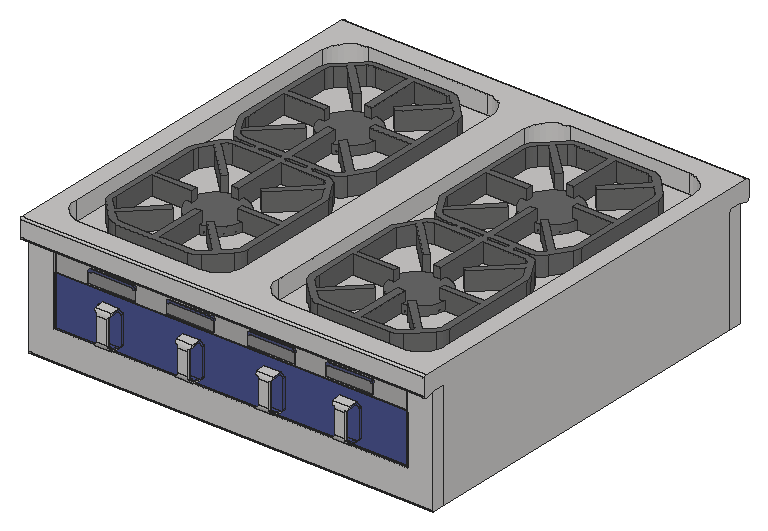
Revit family "QF_ELECTROLUXPROFESSIONAL_588039_MAGGAAHOPO", category Specialty Equipment, Revit 2018
Family settings
  Round Connector Dimension = Use Diameter
  Part Type = Normal
  Work Plane-Based = No
  Always vertical = Yes
  Cut with Voids When Loaded = No
  Shared = No
  Room Calculation Point = No
Parameters
  Weight in Pounds = 138.891
  Watts = 0 W
  URL Cutsheet = ""
  Type Mark [instance] = ""
  Status [instance] = ""
  Specification by User [instance] = ""
  Specification by Manufacturer = ""
  Show Clearance [instance] = yes
  Serial Number = ""
  Seismic Rating = ""
  SMACNA No = ""
  Revision Code [instance] = ""
  Omniclass Number and Title = ""
  NAFEM Spec ID Number = ""
  Model = "588039"
  Mechanical Remarks [instance] = ""
  Mechanical Connection Type [instance] = ""
  Masterspec = ""
  Manufacturer = "ELECTROLUX"
  Item Number [instance] = ""
  Installed By [instance] = ""
  Identify Quantity as Lot [instance] = yes
  HP = "0 HP"
  Gas Size = 1/2"
  Gas RI Height [instance] = 0 mm
  Gas KW = 28
  Gas Input = 95452.0 Btu/h
  Gas Connection Height [instance] = 0 mm
  Furnished By [instance] = ""
  Foodservice Equipment Identifier [instance] = yes
  Direct Waste Size = 0"
  Description = "GAS TOP,4 BURNERS,1-SIDE,800X800X250H"
  CSI MasterFormat = ""
  CSI Master Format = ""
  Back Panel [instance] = yes
Reference planes
  plane 1 "BACK": y = 0
  plane 2: z = 0
  plane 3 "LEFT": x = 0
  plane 4 "RIGHT": x = 800
  plane 5 "FRONT": y = -800
  plane 6 "TOP": z = 250
  plane 7: x = 400
  plane 8: y = -400
  plane 9: z = 370
  plane 10: x = 765
  plane 11: y = -60.425
Forms (mm)
  Extrusion 1, solid, material "QF_Finishes_Stainless Steel"
    sketch origin (0, -487.128, 0) x (0, 1, 0) y (0, 0, 1)
      loop
        line (483.128, 250) -> (-308.872, 250)
        arc (-308.872, 250) -> (-311.7, 248.828) -> (-312.872, 246) r 4
        line (-312.872, 246) -> (-312.872, 214)
        arc (-312.872, 214) -> (-311.437, 210.931) -> (-308.161, 210.064) r 4
        line (-308.161, 210.064) -> (-292.872, 213) -> (-267.872, 213) -> (-267.872, 0) -> (442.128, 0) -> (442.128, 213) -> (465.765, 213) -> (482.433, 210.061)
        arc (482.433, 210.061) -> (485.699, 210.936) -> (487.128, 214) r 4
        line (487.128, 214) -> (487.128, 246)
        arc (487.128, 246) -> (485.956, 248.828) -> (483.128, 250) r 4
    from 0 to 800
  Extrusion 2, void
    sketch origin (653.786, 44.048, 250) x (1, 0, 0) y (0, -1, 0)
      loop
        line (-570.234, 89.462) -> (-334.333, 89.462)
        arc (-334.333, 89.462) -> (-299.707, 103.805) -> (-285.364, 138.432) r 48.97
        line (-285.364, 138.432) -> (-285.364, 750.078)
        arc (-285.364, 750.078) -> (-299.707, 784.705) -> (-334.333, 799.048) r 48.97
        line (-334.333, 799.048) -> (-570.234, 799.048)
        arc (-570.234, 799.048) -> (-605.59, 784.403) -> (-620.234, 749.048) r 50
        line (-620.234, 749.048) -> (-620.234, 139.462)
        arc (-620.234, 139.462) -> (-605.59, 104.107) -> (-570.234, 89.462) r 50
      loop
        line (64.679, 799.048) -> (-171.222, 799.048)
        arc (-171.222, 799.048) -> (-206.577, 784.403) -> (-221.222, 749.048) r 50
        line (-221.222, 749.048) -> (-221.222, 139.462)
        arc (-221.222, 139.462) -> (-206.577, 104.107) -> (-171.222, 89.462) r 50
        line (-171.222, 89.462) -> (64.679, 89.462)
        arc (64.679, 89.462) -> (99.306, 103.805) -> (113.649, 138.432) r 48.97
        line (113.649, 138.432) -> (113.649, 750.078)
        arc (113.649, 750.078) -> (99.306, 784.705) -> (64.679, 799.048) r 48.97
    from 0 to 37
  Extrusion 3, solid, material "QF_Finishes_Stainless Steel"
    sketch origin (10, -560, 0) x (1, 0, 0) y (0, -1, 0)
      loop
        circle (755, -70) r 6.35
    from 0 to 3.2
  Extrusion 4, solid, material "QF_Finishes_Stainless Steel", visible <- "Back Panel"
    sketch origin (0, 0.586, 0) x (0, 1, 0) y (0, 0, 1)
      loop
        line (-46, 0) -> (-21, 0) -> (-21, 212.833) -> (-21.949, 213) -> (-46, 213) -> (-46, 0)
    from 0 to 800
Cuts and joins
  Extrusion 2 cuts Extrusion 1
Lines and regions (mm)
  symbolic lines
    curve 1: line (0, 0, 0) -> (800, 0, 0)
    curve 2: line (0, -800, 0) -> (0, 0, 0)
    curve 3: line (800, -800, 0) -> (0, -800, 0)
    curve 4: line (800, 0, 0) -> (800, -800, 0)
    curve 5: arc (83.552, -755, 0) -> (48.197, -740.355, 0) -> (33.552, -705, 0) r 50
    curve 6: line (33.552, -705, 0) -> (33.552, -95.414, 0)
    curve 7: arc (33.552, -95.414, 0) -> (48.197, -60.059, 0) -> (83.552, -45.414, 0) r 50
    curve 8: line (83.552, -45.414, 0) -> (317.592, -45.414, 0)
    curve 9: arc (718.465, -45.414, 0) -> (753.092, -59.757, 0) -> (767.435, -94.384, 0) r 48.97
    curve 10: line (767.435, -94.384, 0) -> (767.435, -706.03, 0)
    curve 11: arc (767.435, -706.03, 0) -> (753.092, -740.657, 0) -> (718.465, -755, 0) r 48.97
    curve 12: line (718.465, -755, 0) -> (482.408, -755, 0)
    curve 13: line (482.408, -45.414, 0) -> (718.465, -45.414, 0)
    curve 14: line (317.592, -755, 0) -> (83.552, -755, 0)
    curve 15: arc (482.408, -755, 0) -> (447.053, -740.355, 0) -> (432.408, -705, 0) r 50
    curve 16: line (432.408, -705, 0) -> (432.408, -95.414, 0)
    curve 17: arc (432.408, -95.414, 0) -> (447.053, -60.059, 0) -> (482.408, -45.414, 0) r 50
    curve 18: arc (317.592, -755, 0) -> (352.947, -740.355, 0) -> (367.592, -705, 0) r 50
    curve 19: line (367.592, -705, 0) -> (367.592, -95.414, 0)
    curve 20: arc (367.592, -95.414, 0) -> (352.947, -60.059, 0) -> (317.592, -45.414, 0) r 50
Dimensions and locks
  plane 3 "LEFT" to plane 4 "RIGHT" = 800 mm
  plane 5 "FRONT" to plane 1 "BACK" = 800 mm
  equal spacing: plane 3 "LEFT", plane 7, plane 4 "RIGHT"
  equal spacing: plane 5 "FRONT", plane 8, plane 1 "BACK"
  plane 6 "TOP" to level = 250 mm  (x2)
  plane 1 "BACK" to plane 5 "FRONT" = 800 mm
  Extrusion 3 sketch curve to plane 1 "BACK" = 490 mm
  Extrusion 3 sketch curve to plane 4 "RIGHT" = 35 mm
  plane 1 "BACK" to Extrusion 3 = 490 mm
  locked: plane 10 to plane 4 "RIGHT" at 35
  aligned and locked: level to plane 2
  aligned and locked: Extrusion 1 to plane 4 "RIGHT"
Automatic sketch dimensions
  Extrusion 1 sketch curve to plane 5 "FRONT" = 0 mm
  Extrusion 1 sketch curve to plane 6 "TOP" = 0 mm
  Extrusion 1 sketch curve to level = 0 mm
  Extrusion 1 sketch curve to plane 1 "BACK" = 0 mm
  Extrusion 1 sketch curve to plane 6 "TOP" = 37 mm  (x2)
  Extrusion 1 sketch curve to plane 5 "FRONT" = 4 mm
  Extrusion 1 sketch curve to plane 5 "FRONT" = 20 mm
  Extrusion 1 sketch curve to plane 5 "FRONT" = 45 mm
  plane 1 "BACK" to Extrusion 1 sketch curve = 21.363 mm
  plane 1 "BACK" to Extrusion 1 sketch curve = 4 mm  (x2)
  Extrusion 1 sketch curve to Extrusion 1 sketch curve = 4 mm
  Extrusion 1 sketch curve to Extrusion 1 sketch curve = 0.711 mm
  plane 1 "BACK" to Extrusion 1 sketch curve = 4.695 mm
  Extrusion 1 sketch curve to Extrusion 1 sketch curve = 0 mm  (x2)
  Extrusion 1 sketch curve to Extrusion 1 sketch curve = 1 mm  (x2)
  plane 1 "BACK" to Extrusion 1 sketch curve = 45 mm
  plane 1 "BACK" to curve 1 = 0 mm
  curve 1 to plane 4 "RIGHT" = 0 mm
  curve 3 to plane 3 "LEFT" = 0 mm
  curve 10 to plane 10 = 2.435 mm
  plane 11 to curve 13 = 15.012 mm
  plane 10 to curve 13 = 46.535 mm
  plane 10 to curve 12 = 46.535 mm
  plane 7 to curve 16 = 32.408 mm
  curve 19 to plane 7 = 32.408 mm
  plane 3 "LEFT" to curve 8 = 83.552 mm
  plane 3 "LEFT" to curve 14 = 83.552 mm
  plane 3 "LEFT" to curve 6 = 33.552 mm
  curve 15 to curve 16 = 50 mm
  curve 20 to plane 11 = 34.988 mm
  curve 18 to plane 5 "FRONT" = 45 mm
  curve 19 to curve 18 = 50 mm
  Extrusion 1 to Extrusion 2 sketch curve = 33.552 mm
  Extrusion 1 to Extrusion 2 sketch curve = 41 mm  (x2)
  Extrusion 2 sketch curve to Extrusion 2 sketch curve = 50 mm  (x4)
  Extrusion 1 to Extrusion 2 sketch curve = 41.414 mm
  Extrusion 2 sketch curve to Extrusion 2 sketch curve = 235.901 mm  (x2)
  Extrusion 2 sketch curve to Extrusion 2 sketch curve = 48.97 mm
  Extrusion 2 sketch curve to Extrusion 2 sketch curve = 64.142 mm
  Extrusion 1 to Extrusion 2 sketch curve = 81.535 mm  (x2)
  Extrusion 1 to Extrusion 2 sketch curve = 32.565 mm
  Extrusion 2 sketch curve to Extrusion 2 sketch curve = 1.03 mm
  curve 18 to curve 16 = 0 mm
  plane 11 to curve 8 = 15.012 mm
  curve 16 to plane 11 = 34.988 mm
  Extrusion 4 sketch curve to level = 0 mm
  plane 11 to Extrusion 4 sketch curve = 15.012 mm
  Extrusion 4 sketch curve to plane 6 "TOP" = 37.167 mm
  plane 1 "BACK" to Extrusion 4 sketch curve = 21.363 mm
  plane 1 "BACK" to Extrusion 4 sketch curve = 20.414 mm
  Extrusion 4 sketch curve to Extrusion 4 sketch curve = 0.167 mm
  plane 5 "FRONT" to curve 3 = 0 mm
  radius of Extrusion 3 sketch curve = 6.35 mm
Nested families
  nested 1: "OBT_800_Open Burner" at (200, -400.207, -649.319), type "OBT_800_Open Burner"
  nested 2: "OBT_800_Open Burner" at (600, -400.207, -649.319) x (-1, 0, 0) z (0, 0, 1), type "OBT_800_Open Burner"
  nested 3: "EG_800_1000_Double Range Control Handle Front Panel" at (202.376, -755, -650), type "EG_800_1000_Double Range Control Handle Front Panel"
Connectors
  piping at (765, -490, -3.2), diameter 12.8
    settings: on Extrusion 3, index 1, connector inside diameter 0.50394", connector length 0 mm, flow factor 0, pipe flow 0 GPM, pressure drop 0.00 psi, fitting loss kfactor 0, connector angle 0.00°, fixture units 0, engagement length 0 mm, angle of deflection 0.00°, flow configuration 1, flow direction 1, fitting loss method 0, system type 7, joint type 0, gender type 0, connector reference index -1, connector utility 0, adjustable connector no, is connector primary yes, connector description "GAS CONNECTION"
Definition of nested family "OBT_800_Open Burner"
  Reference planes
    plane 1 "Center (Front/Back)": y = 0
    plane 2: z = 0
    plane 3 "Center (Left/Right)": x = 0
    plane 4: x = -136.448
    plane 5: x = 137.435
    plane 6: y = 324.793
    plane 7: y = -324.793
  Forms (mm)
    Extrusion 1, solid
      sketch origin (2130.573, 56.896, -679.622) x (1, 0, 0) y (0, 1, 0)
        loop
          line (-2137.44, 256.49) -> (-2200.793, 256.49)
          arc (-2200.793, 256.49) -> (-2207.908, 255.075) -> (-2213.94, 251.044) r 18.593
          line (-2213.94, 251.044) -> (-2226.233, 238.751) -> (-2163.48, 175.998) -> (-2171.6, 167.877) -> (-2234.354, 230.631) -> (-2250.33, 214.654)
          arc (-2250.33, 214.654) -> (-2254.433, 208.337) -> (-2255.614, 200.897) r 18.125
          line (-2255.614, 200.897) -> (-2255.614, 113.422) -> (-2175.79, 113.422) -> (-2175.79, 101.938) -> (-2255.614, 101.938) -> (-2255.614, 10.897)
          arc (-2255.614, 10.897) -> (-2254.981, 6.085) -> (-2253.123, 1.601) r 18.593
          line (-2253.123, 1.601) -> (-2240.078, -20.994) -> (-2171.6, 47.483) -> (-2163.48, 39.363) -> (-2234.012, -31.169)
          arc (-2234.012, -31.169) -> (-2228.546, -38.527) -> (-2220.23, -42.379) r 18.593
          line (-2220.23, -42.379) -> (-2137.44, -42.379) -> (-2137.44, 62.464) -> (-2123.707, 62.464) -> (-2123.707, -42.379) -> (-2039.969, -42.379)
          arc (-2039.969, -42.379) -> (-2031.653, -38.527) -> (-2026.187, -31.169) r 18.593
          line (-2026.187, -31.169) -> (-2097.271, 39.915) -> (-2089.15, 48.035) -> (-2020.118, -20.997) -> (-2004.585, 5.916) -> (-2004.585, 101.938) -> (-2085.357, 101.938) -> (-2085.357, 113.422) -> (-2004.585, 113.422) -> (-2004.585, 197.888)
          arc (-2004.585, 197.888) -> (-2006.695, 208.496) -> (-2012.704, 217.489) r 27.72
          line (-2012.704, 217.489) -> (-2025.845, 230.631) -> (-2089.15, 167.325) -> (-2097.271, 175.446) -> (-2033.966, 238.751) -> (-2046.259, 251.044)
          arc (-2046.259, 251.044) -> (-2052.291, 255.075) -> (-2059.406, 256.49) r 18.593
          line (-2059.406, 256.49) -> (-2123.707, 256.49) -> (-2123.707, 152.897) -> (-2137.44, 152.897) -> (-2137.44, 256.49)
        loop
          arc (-2267.021, 10.897) -> (-2265.999, 3.132) -> (-2263.002, -4.103) r 30
          line (-2263.002, -4.103) -> (-2242.795, -39.103)
          arc (-2242.795, -39.103) -> (-2231.814, -50.084) -> (-2216.814, -54.103) r 30
          line (-2216.814, -54.103) -> (-2189.287, -54.103)
          arc (-2189.287, -54.103) -> (-2188.243, -56) -> (-2186.272, -56.896) r 3.438
          arc (-2186.272, -56.896) -> (-2188.243, -57.792) -> (-2189.287, -59.689) r 3.438
          line (-2189.287, -59.689) -> (-2216.814, -59.689)
          arc (-2216.814, -59.689) -> (-2231.814, -63.708) -> (-2242.795, -74.689) r 30
          line (-2242.795, -74.689) -> (-2263.002, -109.689)
          arc (-2263.002, -109.689) -> (-2265.999, -116.924) -> (-2267.021, -124.689) r 30
          line (-2267.021, -124.689) -> (-2267.021, -315.461)
          arc (-2267.021, -315.461) -> (-2264.738, -326.941) -> (-2258.234, -336.674) r 30
          line (-2258.234, -336.674) -> (-2221.975, -372.933)
          arc (-2221.975, -372.933) -> (-2212.253, -379.414) -> (-2200.793, -381.689) r 30
          line (-2200.793, -381.689) -> (-2059.406, -381.689)
          arc (-2059.406, -381.689) -> (-2047.942, -379.412) -> (-2038.218, -372.928) r 30
          line (-2038.218, -372.928) -> (-2001.964, -336.674)
          arc (-2001.964, -336.674) -> (-1995.461, -326.941) -> (-1993.138, -315.461) r 30
          line (-1993.138, -315.461) -> (-1993.138, -116.719) -> (-2017.404, -74.689)
          arc (-2017.404, -74.689) -> (-2028.385, -63.708) -> (-2043.385, -59.689) r 30
          line (-2043.385, -59.689) -> (-2070.476, -59.689)
          arc (-2070.476, -59.689) -> (-2072.136, -57.759) -> (-2074.531, -56.896) r 5
          arc (-2074.531, -56.896) -> (-2072.136, -56.033) -> (-2070.476, -54.103) r 5
          line (-2070.476, -54.103) -> (-2043.385, -54.103)
          arc (-2043.385, -54.103) -> (-2028.385, -50.084) -> (-2017.404, -39.103) r 30
          line (-2017.404, -39.103) -> (-1993.294, 2.656) -> (-1993.294, 204.314)
          arc (-1993.294, 204.314) -> (-1995.995, 214.361) -> (-2001.964, 222.882) r 30
          line (-2001.964, 222.882) -> (-2038.218, 259.136)
          arc (-2038.218, 259.136) -> (-2047.942, 265.62) -> (-2059.406, 267.897) r 30
          line (-2059.406, 267.897) -> (-2200.793, 267.897)
          arc (-2200.793, 267.897) -> (-2212.253, 265.622) -> (-2221.975, 259.141) r 30
          line (-2221.975, 259.141) -> (-2258.234, 222.882)
          arc (-2258.234, 222.882) -> (-2264.738, 213.149) -> (-2267.021, 201.669) r 30
          line (-2267.021, 201.669) -> (-2267.021, 10.897)
        loop
          arc (-2122.397, -54.103) -> (-2124.057, -56.033) -> (-2126.452, -56.896) r 5
          arc (-2126.452, -56.896) -> (-2124.057, -57.759) -> (-2122.397, -59.689) r 5
          line (-2122.397, -59.689) -> (-2085.985, -59.689)
          arc (-2085.985, -59.689) -> (-2084.941, -57.792) -> (-2082.97, -56.896) r 3.438
          arc (-2082.97, -56.896) -> (-2084.941, -56) -> (-2085.985, -54.103) r 3.438
          line (-2085.985, -54.103) -> (-2122.397, -54.103)
        loop
          arc (-2173.778, -54.103) -> (-2175.438, -56.033) -> (-2177.833, -56.896) r 5
          arc (-2177.833, -56.896) -> (-2175.438, -57.759) -> (-2173.778, -59.689) r 5
          line (-2173.778, -59.689) -> (-2137.906, -59.689)
          arc (-2137.906, -59.689) -> (-2136.862, -57.792) -> (-2134.891, -56.896) r 3.438
          arc (-2134.891, -56.896) -> (-2136.862, -56) -> (-2137.906, -54.103) r 3.438
          line (-2137.906, -54.103) -> (-2173.778, -54.103)
        loop
          line (-2137.44, -370.282) -> (-2137.44, -265.439) -> (-2123.707, -265.439) -> (-2123.707, -370.282) -> (-2059.406, -370.282)
          arc (-2059.406, -370.282) -> (-2052.291, -368.867) -> (-2046.259, -364.836) r 18.593
          line (-2046.259, -364.836) -> (-2033.341, -351.918) -> (-2097.271, -287.988) -> (-2089.15, -279.867) -> (-2025.22, -343.798) -> (-2012.704, -331.281)
          arc (-2012.704, -331.281) -> (-2006.695, -322.288) -> (-2004.585, -311.68) r 27.72
          line (-2004.585, -311.68) -> (-2004.585, -225.964) -> (-2085.357, -225.964) -> (-2085.357, -214.48) -> (-2004.585, -214.48) -> (-2004.585, -119.708) -> (-2020.576, -92.003) -> (-2089.15, -160.577) -> (-2097.271, -152.457) -> (-2026.57, -81.755)
          arc (-2026.57, -81.755) -> (-2032.024, -74.971) -> (-2039.969, -71.413) r 18.593
          line (-2039.969, -71.413) -> (-2123.707, -71.413) -> (-2123.707, -175.006) -> (-2137.44, -175.006) -> (-2137.44, -71.413) -> (-2220.23, -71.413)
          arc (-2220.23, -71.413) -> (-2228.175, -74.971) -> (-2233.629, -81.755) r 18.593
          line (-2233.629, -81.755) -> (-2163.48, -151.905) -> (-2171.6, -160.025) -> (-2239.62, -92.005) -> (-2253.123, -115.393)
          arc (-2253.123, -115.393) -> (-2254.981, -119.877) -> (-2255.614, -124.689) r 18.593
          line (-2255.614, -124.689) -> (-2255.614, -214.48) -> (-2175.79, -214.48) -> (-2175.79, -225.964) -> (-2255.614, -225.964) -> (-2255.614, -314.689)
          arc (-2255.614, -314.689) -> (-2254.433, -322.129) -> (-2250.33, -328.446) r 18.125
          line (-2250.33, -328.446) -> (-2234.979, -343.798) -> (-2171.6, -280.419) -> (-2163.48, -288.54) -> (-2226.858, -351.918) -> (-2213.94, -364.836)
          arc (-2213.94, -364.836) -> (-2207.908, -368.867) -> (-2200.793, -370.282) r 18.593
          line (-2200.793, -370.282) -> (-2137.44, -370.282)
      from 1542.072 to 1578.941
    Extrusion 2, solid
      sketch origin (2130.573, 86.122, 0) x (1, 0, 0) y (0, 1, 0)
        loop
          circle (-2130.573, -249.448) r 55
        loop
          circle (-2130.573, 78.455) r 55
      from 862.45 to 879.837
    Extrusion 3, void
      sketch origin (-124.371, -330.785, -22.784) x (-0.587785, -0.809017, 0) y (0, 0, 1)
        loop
          circle (-213.495, 891.283) r 1
      from -67.69 to -35.114
    Extrusion 4, void
      sketch origin (-89.903, -351.417, -22.784) x (-0.422618, -0.906308, 0) y (0, 0, 1)
        loop
          circle (-213.495, 891.283) r 1
      from -74.826 to -35.114
    Extrusion 5, void
      sketch origin (-52.131, -365.093, -22.784) x (-0.241922, -0.970296, 0) y (0, 0, 1)
        loop
          circle (-213.495, 891.283) r 1
      from -67.69 to -35.114
    Extrusion 6, void
      sketch origin (27.702, -369.842, -22.784) x (0.139173, -0.990268, 0) y (0, 0, 1)
        loop
          circle (-213.495, 891.283) r 1
      from -67.69 to -35.114
    Extrusion 7, void
      sketch origin (66.829, -360.74, -22.784) x (0.325568, -0.945519, 0) y (0, 0, 1)
        loop
          circle (-213.495, 891.283) r 1
      from -67.69 to -35.114
    Extrusion 8, void
      sketch origin (103.5, -344.339, -22.784) x (0.5, -0.866025, 0) y (0, 0, 1)
        loop
          circle (-213.495, 891.283) r 1
      from -67.69 to -35.114
    Extrusion 9, void
      sketch origin (136.368, -321.242, -22.784) x (0.656059, -0.75471, 0) y (0, 0, 1)
        loop
          circle (-213.495, 891.283) r 1
      from -67.69 to -35.114
    Extrusion 10, void
      sketch origin (164.225, -292.298, -22.784) x (0.788011, -0.615661, 0) y (0, 0, 1)
        loop
          circle (-213.495, 891.283) r 1
      from -67.69 to -35.114
    Extrusion 11, void
      sketch origin (186.048, -258.571, -22.784) x (0.891007, -0.45399, 0) y (0, 0, 1)
        loop
          circle (-213.495, 891.283) r 1
      from -67.69 to -35.114
    Extrusion 12, void
      sketch origin (201.034, -221.299, -22.784) x (0.961262, -0.275637, 0) y (0, 0, 1)
        loop
          circle (-213.495, 891.283) r 1
      from -67.69 to -35.114
    Extrusion 13, void
      sketch origin (208.566, -141.681, -22.784) x (0.994522, 0.104528, 0) y (0, 0, 1)
        loop
          circle (-213.495, 891.283) r 1
      from -67.69 to -35.114
    Extrusion 14, void
      sketch origin (200.835, -102.26, -22.784) x (0.956305, 0.292372, 0) y (0, 0, 1)
        loop
          circle (-213.495, 891.283) r 1
      from -67.69 to -35.114
    Extrusion 15, void
      sketch origin (185.724, -65.039, -22.784) x (0.882948, 0.469472, 0) y (0, 0, 1)
        loop
          circle (-213.495, 891.283) r 1
      from -67.69 to -35.114
    Extrusion 16, void
      sketch origin (163.788, -31.385, -22.784) x (0.777146, 0.62932, 0) y (0, 0, 1)
        loop
          circle (-213.495, 891.283) r 1
      from -67.69 to -35.114
    Extrusion 17, void
      sketch origin (135.834, -2.534, -22.784) x (0.642788, 0.766044, 0) y (0, 0, 1)
        loop
          circle (-213.495, 891.283) r 1
      from -67.69 to -35.114
    Extrusion 18, void
      sketch origin (102.889, 20.452, -22.784) x (0.48481, 0.87462, 0) y (0, 0, 1)
        loop
          circle (-213.495, 891.283) r 1
      from -67.69 to -35.114
    Extrusion 19, void
      sketch origin (66.163, 36.73, -22.784) x (0.309017, 0.951057, 0) y (0, 0, 1)
        loop
          circle (-213.495, 891.283) r 1
      from -67.69 to -35.114
    Extrusion 20, void
      sketch origin (-52.811, 40.685, -22.784) x (-0.258819, 0.965926, 0) y (0, 0, 1)
        loop
          circle (-213.495, 891.283) r 1
      from -67.69 to -35.114
    Extrusion 21, void
      sketch origin (-90.537, 26.882, -22.784) x (-0.438371, 0.898794, 0) y (0, 0, 1)
        loop
          circle (-213.495, 891.283) r 1
      from -67.69 to -35.114
    Extrusion 22, void
      sketch origin (-124.936, 6.135, -22.784) x (-0.601815, 0.798636, 0) y (0, 0, 1)
        loop
          circle (-213.495, 891.283) r 1
      from -67.69 to -35.114
    Extrusion 23, void
      sketch origin (-154.744, -20.796, -22.784) x (-0.743145, 0.669131, 0) y (0, 0, 1)
        loop
          circle (-213.495, 891.283) r 1
      from -67.69 to -35.114
    Extrusion 24, void
      sketch origin (-178.866, -52.919, -22.784) x (-0.857167, 0.515038, 0) y (0, 0, 1)
        loop
          circle (-213.495, 891.283) r 1
      from -67.69 to -35.114
    Extrusion 25, void
      sketch origin (-196.416, -89.054, -22.784) x (-0.939693, 0.34202, 0) y (0, 0, 1)
        loop
          circle (-213.495, 891.283) r 1
      from -67.69 to -35.114
    Extrusion 26, void
      sketch origin (-204.521, -207.817, -22.784) x (-0.97437, -0.224951, 0) y (0, 0, 1)
        loop
          circle (-213.495, 891.283) r 1
      from -67.69 to -35.114
    Extrusion 27, void
      sketch origin (-192.043, -246.002, -22.784) x (-0.913545, -0.406737, 0) y (0, 0, 1)
        loop
          circle (-213.495, 891.283) r 1
      from -67.69 to -35.114
    Extrusion 28, void
      sketch origin (-172.509, -281.104, -22.784) x (-0.819152, -0.573576, 0) y (0, 0, 1)
        loop
          circle (-213.495, 891.283) r 1
      from -67.69 to -35.114
    Extrusion 29, void
      sketch origin (-146.635, -311.834, -22.784) x (-0.694658, -0.71934, 0) y (0, 0, 1)
        loop
          circle (-213.495, 891.283) r 1
      from -67.69 to -35.114
    Extrusion 30, void
      sketch origin (-124.371, -2.882, -22.784) x (-0.587785, -0.809017, 0) y (0, 0, 1)
        loop
          circle (-213.495, 891.283) r 1
      from -67.69 to -35.114
    Extrusion 31, void
      sketch origin (-89.903, -23.515, -22.784) x (-0.422618, -0.906308, 0) y (0, 0, 1)
        loop
          circle (-213.495, 891.283) r 1
      from -74.826 to -35.114
    Extrusion 32, void
      sketch origin (-52.131, -37.191, -22.784) x (-0.241922, -0.970296, 0) y (0, 0, 1)
        loop
          circle (-213.495, 891.283) r 1
      from -67.69 to -35.114
    Extrusion 33, void
      sketch origin (27.702, -41.939, -22.784) x (0.139173, -0.990268, 0) y (0, 0, 1)
        loop
          circle (-213.495, 891.283) r 1
      from -67.69 to -35.114
    Extrusion 34, void
      sketch origin (66.829, -32.837, -22.784) x (0.325568, -0.945519, 0) y (0, 0, 1)
        loop
          circle (-213.495, 891.283) r 1
      from -67.69 to -35.114
    Extrusion 35, void
      sketch origin (103.5, -16.436, -22.784) x (0.5, -0.866025, 0) y (0, 0, 1)
        loop
          circle (-213.495, 891.283) r 1
      from -67.69 to -35.114
    Extrusion 36, void
      sketch origin (136.368, 6.66, -22.784) x (0.656059, -0.75471, 0) y (0, 0, 1)
        loop
          circle (-213.495, 891.283) r 1
      from -67.69 to -35.114
    Extrusion 37, void
      sketch origin (164.225, 35.604, -22.784) x (0.788011, -0.615661, 0) y (0, 0, 1)
        loop
          circle (-213.495, 891.283) r 1
      from -67.69 to -35.114
    Extrusion 38, void
      sketch origin (186.048, 69.332, -22.784) x (0.891007, -0.45399, 0) y (0, 0, 1)
        loop
          circle (-213.495, 891.283) r 1
      from -67.69 to -35.114
    Extrusion 39, void
      sketch origin (201.034, 106.603, -22.784) x (0.961262, -0.275637, 0) y (0, 0, 1)
        loop
          circle (-213.495, 891.283) r 1
      from -67.69 to -35.114
    Extrusion 40, void
      sketch origin (208.566, 186.222, -22.784) x (0.994522, 0.104528, 0) y (0, 0, 1)
        loop
          circle (-213.495, 891.283) r 1
      from -67.69 to -35.114
    Extrusion 41, void
      sketch origin (200.835, 225.642, -22.784) x (0.956305, 0.292372, 0) y (0, 0, 1)
        loop
          circle (-213.495, 891.283) r 1
      from -67.69 to -35.114
    Extrusion 42, void
      sketch origin (185.724, 262.864, -22.784) x (0.882948, 0.469472, 0) y (0, 0, 1)
        loop
          circle (-213.495, 891.283) r 1
      from -67.69 to -35.114
    Extrusion 43, void
      sketch origin (163.788, 296.518, -22.784) x (0.777146, 0.62932, 0) y (0, 0, 1)
        loop
          circle (-213.495, 891.283) r 1
      from -67.69 to -35.114
    Extrusion 44, void
      sketch origin (135.834, 325.368, -22.784) x (0.642788, 0.766044, 0) y (0, 0, 1)
        loop
          circle (-213.495, 891.283) r 1
      from -67.69 to -35.114
    Extrusion 45, void
      sketch origin (102.889, 348.355, -22.784) x (0.48481, 0.87462, 0) y (0, 0, 1)
        loop
          circle (-213.495, 891.283) r 1
      from -67.69 to -35.114
    Extrusion 46, void
      sketch origin (66.163, 364.633, -22.784) x (0.309017, 0.951057, 0) y (0, 0, 1)
        loop
          circle (-213.495, 891.283) r 1
      from -67.69 to -35.114
    Extrusion 47, void
      sketch origin (-52.811, 368.588, -22.784) x (-0.258819, 0.965926, 0) y (0, 0, 1)
        loop
          circle (-213.495, 891.283) r 1
      from -67.69 to -35.114
    Extrusion 48, void
      sketch origin (-90.537, 354.785, -22.784) x (-0.438371, 0.898794, 0) y (0, 0, 1)
        loop
          circle (-213.495, 891.283) r 1
      from -67.69 to -35.114
    Extrusion 49, void
      sketch origin (-124.936, 334.037, -22.784) x (-0.601815, 0.798636, 0) y (0, 0, 1)
        loop
          circle (-213.495, 891.283) r 1
      from -67.69 to -35.114
    Extrusion 50, void
      sketch origin (-154.744, 307.107, -22.784) x (-0.743145, 0.669131, 0) y (0, 0, 1)
        loop
          circle (-213.495, 891.283) r 1
      from -67.69 to -35.114
    Extrusion 51, void
      sketch origin (-178.866, 274.984, -22.784) x (-0.857167, 0.515038, 0) y (0, 0, 1)
        loop
          circle (-213.495, 891.283) r 1
      from -67.69 to -35.114
    Extrusion 52, void
      sketch origin (-196.416, 238.848, -22.784) x (-0.939693, 0.34202, 0) y (0, 0, 1)
        loop
          circle (-213.495, 891.283) r 1
      from -67.69 to -35.114
    Extrusion 53, void
      sketch origin (-204.521, 120.086, -22.784) x (-0.97437, -0.224951, 0) y (0, 0, 1)
        loop
          circle (-213.495, 891.283) r 1
      from -67.69 to -35.114
    Extrusion 54, void
      sketch origin (-192.043, 81.901, -22.784) x (-0.913545, -0.406737, 0) y (0, 0, 1)
        loop
          circle (-213.495, 891.283) r 1
      from -67.69 to -35.114
    Extrusion 55, void
      sketch origin (-172.509, 46.798, -22.784) x (-0.819152, -0.573576, 0) y (0, 0, 1)
        loop
          circle (-213.495, 891.283) r 1
      from -67.69 to -35.114
    Extrusion 56, void
      sketch origin (-146.635, 16.068, -22.784) x (-0.694658, -0.71934, 0) y (0, 0, 1)
        loop
          circle (-213.495, 891.283) r 1
      from -67.69 to -35.114
  Cuts and joins
    Extrusion 3, Extrusion 4, Extrusion 5, Extrusion 6, Extrusion 7, Extrusion 8, Extrusion 9, Extrusion 10, Extrusion 11, Extrusion 12, Extrusion 13, Extrusion 14, Extrusion 15, Extrusion 16, Extrusion 17, Extrusion 18, Extrusion 19, Extrusion 20, Extrusion 21, Extrusion 22, Extrusion 23, Extrusion 24, Extrusion 25, Extrusion 26, Extrusion 27, Extrusion 28, Extrusion 29, Extrusion 30, Extrusion 31, Extrusion 32, Extrusion 33, Extrusion 34, Extrusion 35, Extrusion 36, Extrusion 37, Extrusion 38, Extrusion 39, Extrusion 40, Extrusion 41, Extrusion 42, Extrusion 43, Extrusion 44, Extrusion 45, Extrusion 46, Extrusion 47, Extrusion 48, Extrusion 49, Extrusion 50, Extrusion 51, Extrusion 52, Extrusion 53, Extrusion 54, Extrusion 55, Extrusion 56 cuts Extrusion 2
    Extrusion 32 cuts Extrusion 1
  Lines and regions (mm)
    symbolic lines
      curve 1: line (-103.78, 287.527, 0) -> (-41.027, 224.773, 0)
      curve 2: line (-41.027, 224.773, 0) -> (-32.906, 232.894, 0)
      curve 3: line (-32.906, 232.894, 0) -> (-95.66, 295.647, 0)
      curve 4: line (-95.66, 295.647, 0) -> (-83.367, 307.94, 0)
      curve 5: arc (-83.367, 307.94, 0) -> (-77.335, 311.971, 0) -> (-70.219, 313.386, 0) r 18.593
      curve 6: line (-70.219, 313.386, 0) -> (-6.867, 313.386, 0)
      curve 7: line (-6.867, 313.386, 0) -> (-6.867, 209.793, 0)
      curve 8: line (-6.867, 209.793, 0) -> (6.867, 209.793, 0)
      curve 9: line (6.867, 209.793, 0) -> (6.867, 313.386, 0)
      curve 10: line (6.867, 313.386, 0) -> (71.168, 313.386, 0)
      curve 11: arc (71.168, 313.386, 0) -> (78.283, 311.971, 0) -> (84.315, 307.94, 0) r 18.593
      curve 12: line (84.315, 307.94, 0) -> (96.608, 295.647, 0)
      curve 13: line (96.608, 295.647, 0) -> (33.302, 232.342, 0)
      curve 14: line (33.302, 232.342, 0) -> (41.423, 224.221, 0)
      curve 15: line (41.423, 224.221, 0) -> (104.728, 287.527, 0)
      curve 16: line (104.728, 287.527, 0) -> (117.87, 274.385, 0)
      curve 17: arc (117.87, 274.385, 0) -> (123.879, 265.392, 0) -> (125.989, 254.784, 0) r 27.72
      curve 18: line (125.989, 254.784, 0) -> (125.989, 170.318, 0)
      curve 19: line (125.989, 170.318, 0) -> (45.217, 170.318, 0)
      curve 20: line (45.217, 170.318, 0) -> (45.217, 158.834, 0)
      curve 21: line (45.217, 158.834, 0) -> (125.989, 158.834, 0)
      curve 22: line (125.989, 158.834, 0) -> (125.989, 62.812, 0)
      curve 23: line (125.989, 62.812, 0) -> (110.455, 35.899, 0)
      curve 24: line (110.455, 35.899, 0) -> (41.423, 104.931, 0)
      curve 25: line (41.423, 104.931, 0) -> (33.302, 96.811, 0)
      curve 26: line (33.302, 96.811, 0) -> (104.386, 25.727, 0)
      curve 27: arc (104.386, 25.727, 0) -> (98.921, 18.369, 0) -> (90.604, 14.517, 0) r 18.593
      curve 28: line (90.604, 14.517, 0) -> (6.867, 14.517, 0)
      curve 29: line (6.867, 14.517, 0) -> (6.867, 119.36, 0)
      curve 30: line (6.867, 119.36, 0) -> (-6.867, 119.36, 0)
      curve 31: line (-6.867, 119.36, 0) -> (-6.867, 14.517, 0)
      curve 32: line (-6.867, 14.517, 0) -> (-89.656, 14.517, 0)
      curve 33: arc (-89.656, 14.517, 0) -> (-97.973, 18.369, 0) -> (-103.438, 25.727, 0) r 18.593
      curve 34: line (-103.438, 25.727, 0) -> (-32.906, 96.259, 0)
      curve 35: line (-32.906, 96.259, 0) -> (-41.027, 104.379, 0)
      curve 36: line (-41.027, 104.379, 0) -> (-109.504, 35.902, 0)
      curve 37: line (-109.504, 35.902, 0) -> (-122.55, 58.497, 0)
      curve 38: arc (-122.55, 58.497, 0) -> (-124.407, 62.981, 0) -> (-125.041, 67.793, 0) r 18.593
      curve 39: line (-125.041, 67.793, 0) -> (-125.041, 158.834, 0)
      curve 40: line (-125.041, 158.834, 0) -> (-45.217, 158.834, 0)
      curve 41: line (-45.217, 158.834, 0) -> (-45.217, 170.318, 0)
      curve 42: line (-45.217, 170.318, 0) -> (-125.041, 170.318, 0)
      curve 43: line (-125.041, 170.318, 0) -> (-125.041, 257.793, 0)
      curve 44: arc (-125.041, 257.793, 0) -> (-123.86, 265.233, 0) -> (-119.757, 271.55, 0) r 18.125
      curve 45: line (-119.757, 271.55, 0) -> (-103.78, 287.527, 0)
      curve 46: line (-32.906, -95.009, 0) -> (-103.056, -24.859, 0)
      curve 47: arc (-103.056, -24.859, 0) -> (-97.601, -18.075, 0) -> (-89.656, -14.517, 0) r 18.593
      curve 48: line (-89.656, -14.517, 0) -> (-6.867, -14.517, 0)
      curve 49: line (-6.867, -14.517, 0) -> (-6.867, -118.11, 0)
      curve 50: line (-6.867, -118.11, 0) -> (6.867, -118.11, 0)
      curve 51: line (6.867, -118.11, 0) -> (6.867, -14.517, 0)
      curve 52: line (6.867, -14.517, 0) -> (90.604, -14.517, 0)
      curve 53: arc (90.604, -14.517, 0) -> (98.549, -18.075, 0) -> (104.004, -24.859, 0) r 18.593
      curve 54: line (104.004, -24.859, 0) -> (33.302, -95.561, 0)
      curve 55: line (33.302, -95.561, 0) -> (41.423, -103.681, 0)
      curve 56: line (41.423, -103.681, 0) -> (109.998, -35.107, 0)
      curve 57: line (109.998, -35.107, 0) -> (125.989, -62.812, 0)
      curve 58: line (125.989, -62.812, 0) -> (125.989, -157.584, 0)
      curve 59: line (125.989, -157.584, 0) -> (45.217, -157.584, 0)
      curve 60: line (45.217, -157.584, 0) -> (45.217, -169.068, 0)
      curve 61: line (45.217, -169.068, 0) -> (125.989, -169.068, 0)
      curve 62: line (125.989, -169.068, 0) -> (125.989, -254.784, 0)
      curve 63: arc (125.989, -254.784, 0) -> (123.879, -265.392, 0) -> (117.87, -274.385, 0) r 27.72
      curve 64: line (117.87, -274.385, 0) -> (105.353, -286.902, 0)
      curve 65: line (105.353, -286.902, 0) -> (41.423, -222.971, 0)
      curve 66: line (41.423, -222.971, 0) -> (33.302, -231.092, 0)
      curve 67: line (33.302, -231.092, 0) -> (97.233, -295.022, 0)
      curve 68: line (97.233, -295.022, 0) -> (84.315, -307.94, 0)
      curve 69: arc (84.315, -307.94, 0) -> (78.283, -311.971, 0) -> (71.168, -313.386, 0) r 18.593
      curve 70: line (71.168, -313.386, 0) -> (6.867, -313.386, 0)
      curve 71: line (6.867, -313.386, 0) -> (6.867, -208.543, 0)
      curve 72: line (6.867, -208.543, 0) -> (-6.867, -208.543, 0)
      curve 73: line (-6.867, -208.543, 0) -> (-6.867, -313.386, 0)
      curve 74: line (-6.867, -313.386, 0) -> (-70.219, -313.386, 0)
      curve 75: arc (-70.219, -313.386, 0) -> (-77.335, -311.971, 0) -> (-83.367, -307.94, 0) r 18.593
      curve 76: line (-83.367, -307.94, 0) -> (-96.285, -295.022, 0)
      curve 77: line (-96.285, -295.022, 0) -> (-32.906, -231.644, 0)
      curve 78: line (-32.906, -231.644, 0) -> (-41.027, -223.523, 0)
      curve 79: line (-41.027, -223.523, 0) -> (-104.405, -286.902, 0)
      curve 80: line (-104.405, -286.902, 0) -> (-119.757, -271.55, 0)
      curve 81: arc (-119.757, -271.55, 0) -> (-123.86, -265.233, 0) -> (-125.041, -257.793, 0) r 18.125
      curve 82: line (-125.041, -257.793, 0) -> (-125.041, -169.068, 0)
      curve 83: line (-125.041, -169.068, 0) -> (-45.217, -169.068, 0)
      curve 84: line (-45.217, -169.068, 0) -> (-45.217, -157.584, 0)
      curve 85: line (-45.217, -157.584, 0) -> (-125.041, -157.584, 0)
      curve 86: line (-125.041, -157.584, 0) -> (-125.041, -67.793, 0)
      curve 87: arc (-125.041, -67.793, 0) -> (-124.407, -62.981, 0) -> (-122.55, -58.497, 0) r 18.593
      curve 88: line (-122.55, -58.497, 0) -> (-109.047, -35.109, 0)
      curve 89: line (-109.047, -35.109, 0) -> (-41.027, -103.129, 0)
      curve 90: line (-41.027, -103.129, 0) -> (-32.906, -95.009, 0)
      curve 91: line (-132.429, 52.793, 0) -> (-112.221, 17.793, 0)
      curve 92: arc (-112.221, 17.793, 0) -> (-101.241, 6.812, 0) -> (-86.241, 2.793, 0) r 30
      curve 93: line (-86.241, 2.793, 0) -> (-58.714, 2.793, 0)
      curve 94: arc (-58.714, 2.793, 0) -> (-57.669, 0.896, 0) -> (-55.698, 0, 0) r 3.438
      curve 95: arc (-55.698, 0, 0) -> (-57.669, -0.896, 0) -> (-58.714, -2.793, 0) r 3.438
      curve 96: line (-58.714, -2.793, 0) -> (-86.241, -2.793, 0)
      curve 97: arc (-86.241, -2.793, 0) -> (-101.241, -6.812, 0) -> (-112.221, -17.793, 0) r 30
      curve 98: line (-112.221, -17.793, 0) -> (-132.429, -52.793, 0)
      curve 99: arc (-132.429, -52.793, 0) -> (-135.426, -60.028, 0) -> (-136.448, -67.793, 0) r 30
      curve 100: line (-136.448, -67.793, 0) -> (-136.448, -258.565, 0)
      curve 101: arc (-136.448, -258.565, 0) -> (-134.164, -270.045, 0) -> (-127.661, -279.778, 0) r 30
      curve 102: line (-127.661, -279.778, 0) -> (-91.401, -316.037, 0)
      curve 103: arc (-91.401, -316.037, 0) -> (-81.68, -322.518, 0) -> (-70.219, -324.793, 0) r 30
      curve 104: line (-70.219, -324.793, 0) -> (71.168, -324.793, 0)
      curve 105: arc (71.168, -324.793, 0) -> (82.631, -322.516, 0) -> (92.355, -316.032, 0) r 30
      curve 106: line (92.355, -316.032, 0) -> (128.609, -279.778, 0)
      curve 107: arc (128.609, -279.778, 0) -> (135.112, -270.045, 0) -> (137.396, -258.565, 0) r 30
      curve 108: line (137.435, -258.565, 0) -> (137.435, -59.823, 0)
      curve 109: line (137.435, -59.823, 0) -> (113.169, -17.793, 0)
      curve 110: arc (113.169, -17.793, 0) -> (102.189, -6.812, 0) -> (87.189, -2.793, 0) r 30
      curve 111: line (87.189, -2.793, 0) -> (60.098, -2.793, 0)
      curve 112: arc (60.098, -2.793, 0) -> (58.438, -0.863, 0) -> (56.042, 0, 0) r 5
      curve 113: arc (56.042, 0, 0) -> (58.438, 0.863, 0) -> (60.098, 2.793, 0) r 5
      curve 114: line (60.098, 2.793, 0) -> (87.189, 2.793, 0)
      curve 115: arc (87.189, 2.793, 0) -> (102.189, 6.812, 0) -> (113.169, 17.793, 0) r 30
      curve 116: line (113.169, 17.793, 0) -> (137.279, 59.552, 0)
      curve 117: line (137.279, 59.552, 0) -> (137.279, 261.21, 0)
      curve 118: arc (137.279, 261.21, 0) -> (134.579, 271.257, 0) -> (128.609, 279.778, 0) r 30
      curve 119: line (128.609, 279.778, 0) -> (92.355, 316.032, 0)
      curve 120: arc (92.355, 316.032, 0) -> (82.631, 322.516, 0) -> (71.168, 324.793, 0) r 30
      curve 121: line (71.168, 324.793, 0) -> (-70.219, 324.793, 0)
      curve 122: arc (-70.219, 324.793, 0) -> (-81.68, 322.518, 0) -> (-91.401, 316.037, 0) r 30
      curve 123: line (-91.401, 316.037, 0) -> (-127.661, 279.778, 0)
      curve 124: arc (-127.661, 279.778, 0) -> (-134.164, 270.045, 0) -> (-136.448, 258.565, 0) r 30
      curve 125: line (-136.448, 258.565, 0) -> (-136.448, 67.793, 0)
      curve 126: arc (-136.448, 67.793, 0) -> (-135.426, 60.028, 0) -> (-132.429, 52.793, 0) r 30
      curve 127: line (-43.204, 2.793, 0) -> (-7.333, 2.793, 0)
      curve 128: arc (-7.333, 2.793, 0) -> (-6.288, 0.896, 0) -> (-4.317, 0, 0) r 3.438
      curve 129: arc (-4.317, 0, 0) -> (-6.288, -0.896, 0) -> (-7.333, -2.793, 0) r 3.438
      curve 130: line (-7.333, -2.793, 0) -> (-43.204, -2.793, 0)
      curve 131: arc (-43.204, -2.793, 0) -> (-44.864, -0.863, 0) -> (-47.26, 0, 0) r 5
      curve 132: arc (-47.26, 0, 0) -> (-44.864, 0.863, 0) -> (-43.204, 2.793, 0) r 5
      curve 133: line (8.177, 2.793, 0) -> (44.588, 2.793, 0)
      curve 134: arc (44.588, 2.793, 0) -> (45.633, 0.896, 0) -> (47.604, 0, 0) r 3.438
      curve 135: arc (47.604, 0, 0) -> (45.633, -0.896, 0) -> (44.588, -2.793, 0) r 3.438
      curve 136: line (44.588, -2.793, 0) -> (8.177, -2.793, 0)
      curve 137: arc (8.177, -2.793, 0) -> (6.517, -0.863, 0) -> (4.121, 0, 0) r 5
      curve 138: arc (4.121, 0, 0) -> (6.517, 0.863, 0) -> (8.177, 2.793, 0) r 5
      curve 139: arc (-6.867, 219.146, 0) -> (-39.289, 203.065, 0) -> (-54.699, 170.318, 0) r 55
      curve 140: arc (54.699, 170.318, 0) -> (39.289, 203.065, 0) -> (6.867, 219.146, 0) r 55
      curve 141: arc (6.867, 110.007, 0) -> (39.289, 126.088, 0) -> (54.699, 158.834, 0) r 55
      curve 142: arc (-54.699, 158.834, 0) -> (-39.289, 126.088, 0) -> (-6.867, 110.007, 0) r 55
      curve 143: arc (-6.867, -108.757, 0) -> (-39.289, -124.838, 0) -> (-54.699, -157.584, 0) r 55
      curve 144: arc (-54.699, -169.068, 0) -> (-39.289, -201.815, 0) -> (-6.867, -217.896, 0) r 55
      curve 145: arc (54.699, -157.584, 0) -> (39.289, -124.838, 0) -> (6.867, -108.757, 0) r 55
      curve 146: arc (6.867, -217.896, 0) -> (39.289, -201.815, 0) -> (54.699, -169.068, 0) r 55
  Dimensions and locks
    plane 5 to plane 4 = 273.883 mm
    equal spacing: Extrusion 1 sketch curve, plane 3 "Center (Left/Right)", Extrusion 1 sketch curve
Definition of nested family "EG_800_1000_Double Range Control Handle Front Panel"
  Reference planes
    plane 1 "Center (Front/Back)": y = 0
    plane 2: z = 0
    plane 3 "Center (Left/Right)": x = 197.624
    plane 4: x = -202.376
    plane 5: x = 597.624
    plane 6: y = -45
  Forms (mm)
    Extrusion 1, solid
      sketch origin (833.217, 829.203, -1.25) x (0, 1, 0) y (0, 0, 1)
        loop
          arc (-854.203, 654.25) -> (-853.324, 652.129) -> (-851.203, 651.25) r 3
          line (-851.203, 651.25) -> (-829.203, 651.25) -> (-829.203, 864.25) -> (-854.203, 864.25) -> (-854.203, 654.25)
      from -1035.593 to -235.593
    Extrusion 2, void
      sketch origin (33.217, 829.203, -1.25) x (1, 0, 0) y (0, 0, 1)
        loop
          line (-185.593, 855.116) -> (-185.593, 713.116) -> (514.407, 713.116) -> (514.407, 855.116) -> (-185.593, 855.116)
      from 848.59 to 854.203
  Cuts and joins
    Extrusion 2 cuts Extrusion 1
  Dimensions and locks
    equal spacing: plane 5, plane 3 "Center (Left/Right)", plane 4
    plane 5 to plane 4 = 800 mm
    aligned and locked: cut or joined group of Extrusion 1, Extrusion 2 to plane 4
    aligned and locked: plane 5 to cut or joined group of Extrusion 1, Extrusion 2
    aligned and locked: plane 3 "Center (Left/Right)" to nested 2
    aligned and locked: cut or joined group of Extrusion 1, Extrusion 2 to nested 2
  Automatic sketch dimensions
    Extrusion 1 sketch curve to plane 1 "Center (Front/Back)" = 0 mm
    plane 1 "Center (Front/Back)" to Extrusion 1 sketch curve = 22 mm
    Extrusion 1 sketch curve to Extrusion 1 sketch curve = 3 mm
    level to Extrusion 1 sketch curve = 650 mm
    Extrusion 1 sketch curve to Extrusion 1 sketch curve = 210 mm
    plane 4 to Extrusion 2 sketch curve = 50 mm
    Extrusion 2 sketch curve to plane 5 = 50 mm
    level to Extrusion 2 sketch curve = 711.866 mm
    Extrusion 2 sketch curve to Extrusion 2 sketch curve = 142 mm
  Nested families
    nested 1: "Range Control Handle" at (122.624, -28.137, -209.113) x (-1, 0, 0) z (0, 0, 1), type "Range Control Handle"
    nested 2: "glass conrol panel" at (197.624, 280.644, 2.752), type "glass conrol panel"
    nested 3: "Range Control Handle" at (432.624, -28.137, -209.113), type "Range Control Handle"
    nested 4: "Range Control Handle" at (282.624, -28.137, -209.113) x (-1, 0, 0) z (0, 0, 1), type "Range Control Handle"
    nested 5: "Range Control Handle" at (-37.376, -28.137, -209.113) x (-1, 0, 0) z (0, 0, 1), type "Range Control Handle"
  Definition of nested family "Range Control Handle"
    Reference planes
      plane 1 "Center (Front/Back)": y = 0
      plane 2: z = 0
      plane 3 "Center (Left/Right)": x = 0
      plane 4: z = 971.092
      plane 5: y = -16.9
    Forms (mm)
      Extrusion 1, solid
        sketch origin (-746.28, 380.497, 208.931) x (-1, 0, 0) y (0, 0, 1)
          loop
            line (-770.101, 786.798) -> (-770.101, 731.649)
            arc (-770.101, 731.649) -> (-769.759, 730.563) -> (-768.855, 729.87) r 1.893
            line (-768.855, 729.87) -> (-763.474, 727.911) -> (-729.81, 727.911) -> (-724.428, 729.87)
            arc (-724.428, 729.87) -> (-723.525, 730.563) -> (-723.183, 731.649) r 1.893
            line (-723.183, 731.649) -> (-723.183, 786.798)
            arc (-723.183, 786.798) -> (-723.529, 787.894) -> (-724.44, 788.593) r 1.91
            line (-724.44, 788.593) -> (-729.683, 790.819) -> (-763.601, 790.819) -> (-768.844, 788.593)
            arc (-768.844, 788.593) -> (-769.755, 787.894) -> (-770.101, 786.798) r 1.91
        from -382.35 to -378.852
      Sweep 2, solid
        path origin (-746.788, 380.496, 208.091) x (0, -1, 0) y (0, 0, 1)
          loop
            line (379.775, 793.281) -> (395.661, 791.048)
            arc (395.661, 791.048) -> (397.781, 787.377) -> (398.517, 783.202) r 12.207
            line (398.517, 783.202) -> (398.517, 737.368)
            arc (398.517, 737.368) -> (397.781, 733.193) -> (395.661, 729.522) r 12.207
            line (395.661, 729.522) -> (379.775, 727.289)
        profile origin (-746.788, -7.222, 1000.256) x (0, -0.139173, 0.990268) y (-1, 0, 0)
          loop
            line (0.782, -763.123) -> (0.782, -730.907) -> (-1.322, -730.907) -> (-1.322, -763.123) -> (0.782, -763.123)
      Sweep 3, solid
        path origin (-746.788, 380.715, 207.832) x (0, -1, 0) y (0, 0, 1)
          loop
            line (380.478, 795.442) -> (397.218, 793.09)
            arc (397.218, 793.09) -> (399.929, 788.473) -> (400.871, 783.202) r 15.207
            line (400.871, 783.202) -> (400.871, 737.584)
            arc (400.871, 737.584) -> (399.914, 732.274) -> (397.164, 727.633) r 15.207
            line (397.164, 727.633) -> (380.601, 725.305)
        profile origin (-746.788, -8.132, 1002.099) x (0, -0.139173, 0.990268) y (-1, 0, 0)
          loop
            line (0.782, -763.123) -> (0.782, -730.907) -> (-1.322, -730.907) -> (-1.322, -763.123) -> (0.782, -763.123)
      Extrusion 4, void
        sketch origin (889.253, 220.666, 207.993) x (1, 0, 0) y (0, 0, 1)
          loop
            line (-943.038, 816.854) -> (-943.038, 703.686) -> (-899.466, 734.196) -> (-899.466, 786.344) -> (-943.038, 816.854)
        from 230.636 to 242.25
      Extrusion 5, void
        sketch origin (-888.8, 220.666, 207.993) x (-1, 0, 0) y (0, 0, -1)
          loop
            line (-943.038, -816.854) -> (-899.466, -786.344) -> (-899.466, -734.196) -> (-943.038, -703.686) -> (-943.038, -816.854)
        from 230.636 to 242.25
      Extrusion 6, solid
        sketch origin (0, 0, 0) x (1, 0, 0) y (0, 0, 1)
          loop
            circle (0, 971.092) r 7.736
        from -3.137 to -1.645
    Cuts and joins
      Extrusion 4, Extrusion 5 cuts Sweep 3
      Extrusion 4, Extrusion 5 cuts Sweep 2
      joined: Extrusion 1, Extrusion 6
    Lines and regions (mm)
      symbolic lines
        curve 1: line (16.334, -16.9, 0) -> (16.334, -19.227, 0)
        curve 2: spline (16.334, -19.227, 0) -> (15.87, -19.385, 0) -> (15.404, -19.536, 0) -> (14.936, -19.678, 0) -> (14.466, -19.813, 0) -> (13.995, -19.94, 0) -> (13.523, -20.059, 0) -> (13.049, -20.171, 0) -> (12.575, -20.274, 0) -> (12.099, -20.37, 0) -> (11.622, -20.458, 0) -> (11.144, -20.537, 0) -> (10.666, -20.609, 0)
        curve 3: line (10.666, -16.9, 0) -> (10.666, -20.938, 0)
        curve 4: line (-10.213, -20.938, 0) -> (10.666, -20.938, 0)
        curve 5: line (-10.213, -20.938, 0) -> (-10.213, -16.9, 0)
        curve 6: spline (-10.213, -20.609, 0) -> (-10.691, -20.537, 0) -> (-11.169, -20.458, 0) -> (-11.646, -20.37, 0) -> (-12.122, -20.274, 0) -> (-12.597, -20.171, 0) -> (-13.07, -20.059, 0) -> (-13.542, -19.94, 0) -> (-14.013, -19.813, 0) -> (-14.483, -19.678, 0) -> (-14.951, -19.536, 0) -> (-15.417, -19.385, 0) -> (-15.881, -19.227, 0)
        curve 7: line (-15.881, -19.227, 0) -> (-15.881, -16.9, 0)
  Definition of nested family "glass conrol panel"
    Reference planes
      plane 1 "Center (Front/Back)": y = 0
      plane 2: z = 0
      plane 3 "Center (Left/Right)": x = 0
    Forms (mm)
      Extrusion 1, solid
        sketch origin (378.286, 0, 0.617) x (1, 0, 0) y (0, 0, 1)
          loop
            line (-728.286, 806.791) -> (-728.286, 708.497) -> (-28.286, 708.497) -> (-28.286, 806.791) -> (-728.286, 806.791)
        from 300.031 to 304.8
      Extrusion 2, solid
        sketch origin (378.286, 0, 0.617) x (1, 0, 0) y (0, 0, 1)
          loop
            line (-728.286, 850.497) -> (-728.286, 806.791) -> (-28.286, 806.791) -> (-28.286, 850.497) -> (-728.286, 850.497)
        from 300.031 to 304.8
      Extrusion 3, void
        sketch origin (378.286, 0, 0.617) x (1, 0, 0) y (0, 0, 1)
          loop
            line (-725.628, 847.565) -> (-725.628, 710.699) -> (-31.196, 710.699) -> (-31.196, 847.565) -> (-725.628, 847.565)
        from 303.697 to 304.8
      Extrusion 4, solid
        sketch origin (-543.309, 1.101, -0.633) x (-1, 0, 0) y (0, 0, -1)
          loop
            line (-261.431, -812.62) -> (-355.186, -812.62) -> (-355.186, -834.177) -> (-350.269, -834.177) -> (-348.469, -835.977) -> (-268.039, -835.977) -> (-266.24, -834.177) -> (-261.431, -834.177) -> (-261.431, -812.62)
        from 304.798 to 306.745
      Extrusion 5, solid
        sketch origin (-543.309, 1.101, -0.633) x (-1, 0, 0) y (0, 0, -1)
          loop
            line (-350.269, -834.177) -> (-355.078, -834.177)
            arc (-355.078, -834.177) -> (-353.942, -838.747) -> (-349.686, -840.763) r 5.5
            line (-349.686, -840.763) -> (-266.98, -840.763)
            arc (-266.98, -840.763) -> (-262.706, -838.752) -> (-261.529, -834.177) r 5.549
            line (-261.529, -834.177) -> (-266.24, -834.177) -> (-268.039, -835.977) -> (-348.469, -835.977) -> (-350.269, -834.177)
        from 304.798 to 306.745
      Extrusion 6, solid
        sketch origin (-388.309, 1.101, -0.633) x (-1, 0, 0) y (0, 0, -1)
          loop
            line (-261.431, -812.62) -> (-355.186, -812.62) -> (-355.186, -834.177) -> (-350.269, -834.177) -> (-348.469, -835.977) -> (-268.039, -835.977) -> (-266.24, -834.177) -> (-261.431, -834.177) -> (-261.431, -812.62)
        from 304.798 to 306.745
      Extrusion 7, solid
        sketch origin (-388.309, 1.101, -0.633) x (-1, 0, 0) y (0, 0, -1)
          loop
            line (-350.269, -834.177) -> (-355.078, -834.177)
            arc (-355.078, -834.177) -> (-353.942, -838.747) -> (-349.686, -840.763) r 5.5
            line (-349.686, -840.763) -> (-266.98, -840.763)
            arc (-266.98, -840.763) -> (-262.706, -838.752) -> (-261.529, -834.177) r 5.549
            line (-261.529, -834.177) -> (-266.24, -834.177) -> (-268.039, -835.977) -> (-348.469, -835.977) -> (-350.269, -834.177)
        from 304.798 to 306.745
      Extrusion 8, solid
        sketch origin (543.309, 1.101, -0.633) x (1, 0, 0) y (0, 0, 1)
          loop
            line (-261.431, 812.62) -> (-261.431, 834.177) -> (-266.24, 834.177) -> (-268.039, 835.977) -> (-348.469, 835.977) -> (-350.269, 834.177) -> (-355.186, 834.177) -> (-355.186, 812.62) -> (-261.431, 812.62)
        from 304.798 to 306.745
      Extrusion 9, solid
        sketch origin (543.309, 1.101, -0.633) x (1, 0, 0) y (0, 0, 1)
          loop
            line (-350.269, 834.177) -> (-348.469, 835.977) -> (-268.039, 835.977) -> (-266.24, 834.177) -> (-261.529, 834.177)
            arc (-261.529, 834.177) -> (-262.706, 838.752) -> (-266.98, 840.763) r 5.549
            line (-266.98, 840.763) -> (-349.686, 840.763)
            arc (-349.686, 840.763) -> (-353.942, 838.747) -> (-355.078, 834.177) r 5.5
            line (-355.078, 834.177) -> (-350.269, 834.177)
        from 304.798 to 306.745
      Extrusion 10, solid
        sketch origin (388.309, 1.101, -0.633) x (1, 0, 0) y (0, 0, 1)
          loop
            line (-261.431, 812.62) -> (-261.431, 834.177) -> (-266.24, 834.177) -> (-268.039, 835.977) -> (-348.469, 835.977) -> (-350.269, 834.177) -> (-355.186, 834.177) -> (-355.186, 812.62) -> (-261.431, 812.62)
        from 304.798 to 306.745
      Extrusion 11, solid
        sketch origin (388.309, 1.101, -0.633) x (1, 0, 0) y (0, 0, 1)
          loop
            line (-350.269, 834.177) -> (-348.469, 835.977) -> (-268.039, 835.977) -> (-266.24, 834.177) -> (-261.529, 834.177)
            arc (-261.529, 834.177) -> (-262.706, 838.752) -> (-266.98, 840.763) r 5.549
            line (-266.98, 840.763) -> (-349.686, 840.763)
            arc (-349.686, 840.763) -> (-353.942, 838.747) -> (-355.078, 834.177) r 5.5
            line (-355.078, 834.177) -> (-350.269, 834.177)
        from 304.798 to 306.745
    Cuts and joins
      Extrusion 3 cuts Extrusion 1
      Extrusion 3 cuts Extrusion 2
    Dimensions and locks
      aligned and locked: Extrusion 1 to Extrusion 2
      aligned and locked: Extrusion 5 sketch curve to Extrusion 4  (x5)
      aligned and locked: Extrusion 5 to Extrusion 4
      aligned and locked: Extrusion 7 sketch curve to Extrusion 6  (x5)
      aligned and locked: Extrusion 7 to Extrusion 6
      aligned and locked: Extrusion 9 sketch curve to Extrusion 8  (x4)
      aligned and locked: Extrusion 8 to Extrusion 9 sketch curve
      aligned and locked: Extrusion 9 to Extrusion 8
      aligned and locked: Extrusion 11 sketch curve to Extrusion 10  (x4)
      aligned and locked: Extrusion 10 to Extrusion 11 sketch curve
      aligned and locked: Extrusion 11 to Extrusion 10
